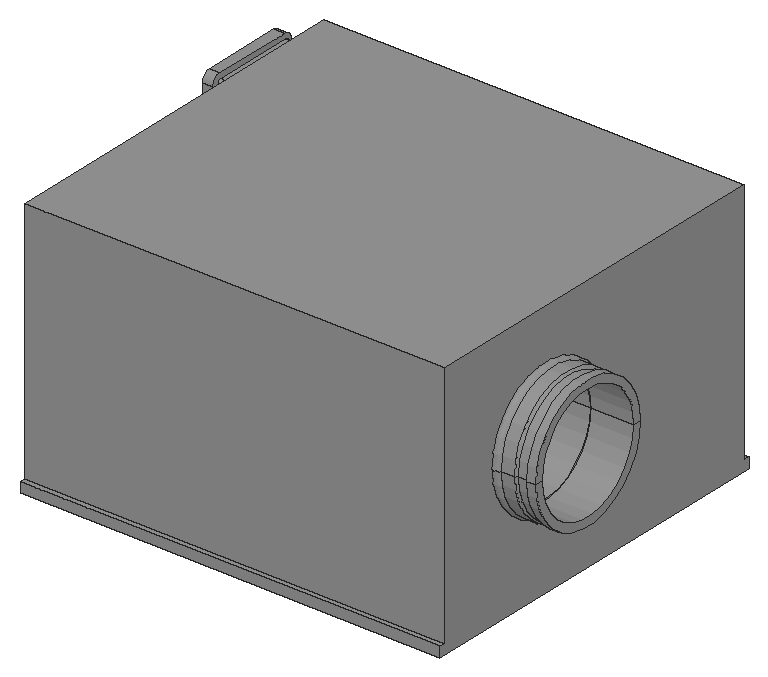
Revit family "IRE 125 C1 AC_7900077", category Mechanical Equipment, Revit 2014
Parameters (values of type "IRE 125 C1 AC")
  Wiring diagram = "4040001"
  Width = 483 mm
  Weight = 9.70 kg
  Voltage range = "220-240 V"
  Voltage = 230 V
  Speed = "1850 rpm"
  Sound pressure level at 3 m = "37 dB(A)"
  Power = 122 W
  Phase = 1
  Max. temperature of transported air when speed controlled = 65 °C
  Max. temperature of transported air = 65 °C
  Main Material = Steel, Galvanized
  Height = 245 mm
  Frequency = 50 Hz
  Elevation [instance] = 2600 mm
  Diameter = 125 mm
  Description = "Insulated duct fans with circular connections"
  Depth = 367 mm
  Current = 0.53 A
  Capacitor = "4 μF"
Reference planes
  plane 1 "Center (Front/Back)": y = 0
  plane 2: z = 0
  plane 3 "Center (Left/Right)": x = 0
  plane 4: z = 2600
Dimensions and locks
  "Elevation": plane 4 to plane 2
  aligned and locked: level to plane 2
  aligned and locked: nested 1 to plane 4
  aligned and locked: plane 3 "Center (Left/Right)" to nested 1
  aligned and locked: plane 1 "Center (Front/Back)" to nested 1
  aligned and locked: nested 1 to nested 2  (x2)
Nested families
  nested 1: "IRE" at (0, 0, 2600), type "IRE"
  nested 2: "Flow direction symbol" at (0, 0, 0), type "Flow direction symbol"
Connectors
  hvac at (-241.5, -59.5, 2735), driven by "Diameter"
    settings: on nested 1, index 1, duct flow 0.0 L/s, flow factor 0, pres drop 0.0 Pa, loss coef 0, conn angle 0.00°, conn width 304.8 mm, conn height 304.8 mm, conn diameter 125 mm, duct sys type 1, conn prof type 0, flow config 0, flow direction 1, loss method 0, conn ref index -1, conn util no, is conn primary yes, conn desc ""
  electrical at (-241.5, 132, 2779.5), driven by "Phase", driven by "Voltage", driven by "Power"
    settings: on nested 1, index 2, voltage 230 V, apparent load 0 VA, apparent load phase1 122 VA, apparent load phase2 0 VA, apparent load phase3 0 VA, power factor 1, load classification "HVAC", number of poles 1, system type 31, power factor state 1, is connector primary yes, connector utility no, sub classification motor no, connector description ""
  hvac at (241.5, -59.5, 2735), driven by "Diameter"
    settings: on nested 1, index 3, duct flow 0.0 L/s, flow factor 0, pres drop 0.0 Pa, loss coef 0, conn angle 0.00°, conn width 304.8 mm, conn height 304.8 mm, conn diameter 125 mm, duct sys type 3, conn prof type 0, flow config 0, flow direction 2, loss method 0, conn ref index -1, conn util no, is conn primary no, conn desc ""
Definition of nested family "IRE"
  Parameters (values of type "IRE")
    Width = 483 mm
    Main Material = Steel, Galvanized
    Height = 245 mm
    Description = ""
    Depth = 367 mm
  Reference planes
    plane 1 "Center (Front/Back)": y = 0
    plane 2: z = 0
    plane 3 "Center (Left/Right)": x = 0
    plane 4: z = 245
    plane 5 "Horizontal Pipe Axis": z = 135
    plane 6: z = 10
    plane 7: z = 235
    plane 8: x = -200
    plane 9: x = 200
    plane 10: x = -241.5
    plane 11: x = 241.5
    plane 12: y = 183.5
    plane 13: y = -183.5
    plane 14 "Vertical Pipe Axis": y = -59.5
    plane 15: x = -231.5
  Forms (mm)
    Extrusion 1, solid, material "Steel, Galvanized" <- "Main Material", detail levels medium+fine
      sketch origin (0, 0, 0) x (0, 1, 0) y (0, 0, 1)
        loop
          line (-183.5, 0) -> (183.5, 0) -> (183.5, 10) -> (178.5, 10) -> (178.5, 11) -> (178.5, 245) -> (-178.5, 245) -> (-178.5, 10) -> (-183.5, 10) -> (-183.5, 0)
      from -200 to 200
    Extrusion 2, void
      sketch origin (0, 0, 0) x (0, 1, 0) y (0, 0, 1)
        loop
          circle (-59.5, 135) r 55
      from -809.837 to 500.936
    Extrusion 3, solid, material "Steel, Galvanized" <- "Main Material", detail levels coarse
      sketch origin (0, 0, 0) x (0, 1, 0) y (0, 0, 1)
        loop
          circle (-59.5, 135) r 62.5
      from 200 to 241.5
    Extrusion 4, solid, material "Steel, Galvanized" <- "Main Material", detail levels coarse
      sketch origin (0, 0, 0) x (0, 1, 0) y (0, 0, -1)
        loop
          circle (-59.5, -135) r 62.5
      from 200 to 241.5
    Revolve 5, solid, material "Steel, Galvanized" <- "Main Material", detail levels medium+fine
      sketch origin (0, 0, 135) x (-1, 0, 0) y (0, -1, 0)
        loop
          line (241.5, 59.5) -> (200, 59.5) -> (200, -3.625)
          arc (200, -3.625) -> (204.25, -5.625) -> (208.5, -3.625) r 5.516
          line (208.5, -3.625) -> (220.875, -3.625) -> (223.5, -1) -> (233.5, -1) -> (233.5, -3) -> (241.5, -3) -> (241.5, 59.5)
        axis (200, 59.5) -> (241.5, 59.5)
      angle from 0 to 360
    Revolve 6, solid, material "Steel, Galvanized" <- "Main Material", detail levels medium+fine
      sketch origin (0, 0, 135) x (-1, 0, 0) y (0, -1, 0)
        loop
          line (-241.5, 59.5) -> (-241.5, -3) -> (-233.5, -3) -> (-233.5, -1) -> (-223.5, -1) -> (-221.5, -3) -> (-208.5, -3)
          arc (-208.5, -3) -> (-204.25, -5) -> (-200, -3) r 5.516
          line (-200, -3) -> (-200, 59.5) -> (-241.5, 59.5)
        axis (-200, 59.5) -> (-241.5, 59.5)
      angle from 0 to 360
    Extrusion 7, solid, material "Steel, Galvanized" <- "Main Material", detail levels coarse
      sketch origin (0, 0, 0) x (0, 1, 0) y (0, 0, 1)
        loop
          line (183.5, 245) -> (-183.5, 245) -> (-183.5, 0) -> (183.5, 0) -> (183.5, 245)
      from -200 to 200
    Sweep 8, solid, material "Plastic, Opaque White", detail levels medium+fine
      path origin (0, 0, 0) x (1, 0, 0) y (0, 1, 0)
        loop
          line (-231.5, 173.5) -> (-241.5, 173.5)
      profile origin (-236.5, 173.5, 0) x (0, -1, 0) y (0, 0, 1)
        loop
          arc (3.073, 226) -> (-2.635, 223.635) -> (-5, 217.927) r 8.073
          line (-5, 217.927) -> (-5, 141.073)
          arc (-5, 141.073) -> (-2.635, 135.365) -> (3.073, 133) r 8.073
          line (3.073, 133) -> (79.927, 133)
          arc (79.927, 133) -> (85.635, 135.365) -> (88, 141.073) r 8.073
          line (88, 141.073) -> (88, 217.927)
          arc (88, 217.927) -> (85.635, 223.635) -> (79.927, 226) r 8.073
          line (79.927, 226) -> (3.073, 226)
    Sweep 9, solid, material "Plastic, Opaque White", detail levels medium+fine
      path origin (0, 0, 0) x (1, 0, 0) y (0, 1, 0)
        loop
          line (-231.5, 132) -> (-200, 132)
      profile origin (-215.75, 132, 0) x (0, 1, 0) y (0, 0, 1)
        loop
          line (38.427, 221) -> (-38.427, 221)
          arc (-38.427, 221) -> (-40.6, 220.1) -> (-41.5, 217.927) r 3.073
          line (-41.5, 217.927) -> (-41.5, 141.073)
          arc (-41.5, 141.073) -> (-40.6, 138.9) -> (-38.427, 138) r 3.073
          line (-38.427, 138) -> (38.427, 138)
          arc (38.427, 138) -> (40.6, 138.9) -> (41.5, 141.073) r 3.073
          line (41.5, 141.073) -> (41.5, 217.927)
          arc (41.5, 217.927) -> (40.6, 220.1) -> (38.427, 221) r 3.073
  Cuts and joins
    Extrusion 2 cuts Extrusion 1
    joined: Sweep 8, Sweep 9
    Extrusion 2 cuts Revolve 6
    Extrusion 2 cuts Revolve 5
  Dimensions and locks
    equal spacing: plane 10, plane 3 "Center (Left/Right)", plane 11
    "Width": plane 10 to plane 11
    plane 4 to plane 5 "Horizontal Pipe Axis" = 110 mm
    "Height": plane 4 to level
    locked: plane 4 to plane 7 at 10
    locked: plane 10 to plane 15 at 10
    locked: plane 10 to plane 8 at 41.5
    locked: plane 9 to plane 11 at 41.5
    "Depth": plane 13 to plane 12
    locked: plane 14 "Vertical Pipe Axis" to Revolve 5 sketch curve at 62.5
    locked: plane 14 "Vertical Pipe Axis" to Revolve 5 sketch curve at 60.5
    locked: plane 14 "Vertical Pipe Axis" to Revolve 5 sketch curve at 63.125
    locked: Revolve 6 sketch curve to plane 14 "Vertical Pipe Axis" at 60.5
    locked: Revolve 6 sketch curve to plane 14 "Vertical Pipe Axis" at 62.5  (x2)
    locked: plane 14 "Vertical Pipe Axis" to Revolve 6 sketch curve at 62.5
    equal spacing: plane 13, plane 1 "Center (Front/Back)", plane 12
    aligned and locked: level to plane 2
    aligned and locked: Extrusion 1 sketch curve to plane 13
    aligned and locked: plane 2 to Extrusion 1 sketch curve
    aligned and locked: Extrusion 1 sketch curve to plane 12
    aligned and locked: Extrusion 1 to plane 9
    aligned and locked: Extrusion 1 to plane 8
    aligned and locked: Extrusion 3 to plane 11
    aligned and locked: plane 9 to Extrusion 3
    aligned and locked: Extrusion 4 to plane 10
    aligned and locked: plane 8 to Extrusion 4
    aligned and locked: Extrusion 4 to plane 8
    aligned and locked: plane 9 to Revolve 6
    aligned and locked: plane 4 to Extrusion 7 sketch curve
    aligned and locked: plane 12 to Extrusion 7 sketch curve
    aligned and locked: Extrusion 7 sketch curve to cut or joined group of Extrusion 1, Extrusion 2  (x2)
    aligned and locked: Extrusion 7 to plane 8
    aligned and locked: Extrusion 7 to plane 9
    aligned and locked: plane 10 to Sweep 8 sketch curve
    aligned and locked: plane 15 to Sweep 8 sketch curve
    aligned and locked: plane 8 to Sweep 9 sketch curve
    aligned and locked: plane 15 to Sweep 9 sketch curve
    aligned and locked: Revolve 5 sketch curve to plane 14 "Vertical Pipe Axis"  (x2)
    aligned and locked: plane 14 "Vertical Pipe Axis" to Revolve 6 sketch curve  (x2)
  Automatic sketch dimensions
    Extrusion 1 sketch curve to plane 4 = 0 mm
    Extrusion 1 sketch curve to plane 6 = 0 mm  (x2)
    Extrusion 1 sketch curve to plane 13 = 5 mm
    Extrusion 1 sketch curve to plane 12 = 5 mm
    plane 6 to Extrusion 1 sketch curve = 1 mm
    Extrusion 3 sketch curve to plane 5 "Horizontal Pipe Axis" = 0 mm
    Extrusion 3 sketch curve to plane 14 "Vertical Pipe Axis" = 0 mm
    Extrusion 4 sketch curve to plane 5 "Horizontal Pipe Axis" = 0 mm
    Extrusion 4 sketch curve to plane 14 "Vertical Pipe Axis" = 0 mm
    Sweep 8 sketch curve to profile plane = 3.073 mm
    Sweep 8 sketch curve to Sweep 8 sketch curve = 8.073 mm  (x2)
    Sweep 8 sketch curve to Sweep 8 sketch curve = 76.854 mm  (x2)
    Sweep 8 sketch curve to Sweep 8 sketch curve = 0 mm
    Sweep 9 sketch curve to profile plane = 38.427 mm
    level to Sweep 9 sketch curve = 217.927 mm
    profile plane to Sweep 9 sketch curve = 38.427 mm
    Sweep 9 sketch curve to Sweep 9 sketch curve = 3.073 mm  (x4)
    Sweep 9 sketch curve to Sweep 9 sketch curve = 76.854 mm
    Sweep 8 sketch curve to plane 12 = 10 mm
    profile plane to Sweep 8 sketch curve = 5 mm
    Sweep 9 sketch curve to plane 12 = 51.5 mm
    Extrusion 2 sketch curve to plane 5 "Horizontal Pipe Axis" = 0 mm
    Extrusion 2 sketch curve to plane 14 "Vertical Pipe Axis" = 0 mm
    Revolve 5 sketch curve to plane 8 = 0 mm  (x2)
    Revolve 5 sketch curve to plane 10 = 0 mm
    Revolve 5 sketch curve to plane 8 = 4.25 mm
    Revolve 5 sketch curve to Revolve 5 sketch curve = 4.25 mm
    Revolve 5 sketch curve to plane 15 = 2 mm
    Revolve 5 sketch curve to Revolve 5 sketch curve = 0.89 mm
    Revolve 5 sketch curve to Revolve 5 sketch curve = 93.5 mm
    plane 15 to Revolve 5 sketch curve = 10.625 mm
    Revolve 5 sketch curve to Revolve 5 sketch curve = 2.625 mm
    Revolve 6 sketch curve to plane 11 = 0 mm
    Revolve 6 sketch curve to plane 9 = 0 mm  (x2)
    plane 11 to Revolve 6 sketch curve = 8 mm
    Revolve 6 sketch curve to plane 9 = 4.25 mm
    Revolve 6 sketch curve to Revolve 6 sketch curve = 3.515 mm
    Revolve 6 sketch curve to Revolve 6 sketch curve = 93.5 mm
    Revolve 6 sketch curve to Revolve 6 sketch curve = 10 mm
    Revolve 6 sketch curve to Revolve 6 sketch curve = 2 mm
    level to Sweep 8 sketch curve = 133 mm
    radius of Extrusion 3 sketch curve = 62.5 mm
    radius of Extrusion 4 sketch curve = 62.5 mm
    radius of Extrusion 2 sketch curve = 55 mm
Definition of nested family "Flow direction symbol"
  Parameters (values of type "Flow direction symbol")
    Warning = "!"
    Text = "DIMENSIONS OVERCONSTRAINT"
  Reference planes
    plane 1: y = 0
    plane 2: x = 0
  Lines and regions (mm)
    detail lines
      curve 1: line (-0.506, 0.877, 0) -> (-0.506, -0.877, 0)
      curve 2: line (1.012, 0, 0) -> (-0.506, -0.877, 0)
      curve 3: line (-0.506, 0.877, 0) -> (1.012, 0, 0)
      curve 4: circle (0, 0, 0) r 1 normal (0, 0, 1)
